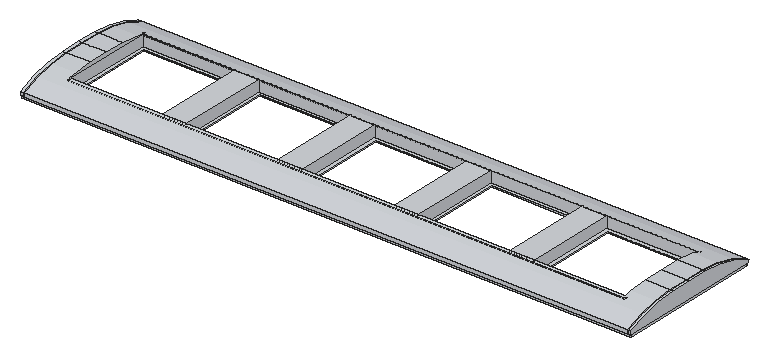
Revit family "Gira_021585", category Electrical Fixtures, host Face, Revit 2017
Family settings
  Host = Face
  Maintain Annotation Orientation = No
  Round Connector Dimension = Use Diameter
  Part Type = Normal
  Cut with Voids When Loaded = No
  Shared = No
  Room Calculation Point = No
Parameters (values of type "Abdeckrahmen 5f Zwischenr. AN Gira Event Opak Mint")
  Werkstoffgüte = "Thermoplast"
  Werkstoff = "Kunststoff"
  URL = "http://katalog.gira.de/de_DE/datenblatt.html?artikelnr=021585"
  Transparent = "No"
  Textfeld/Beschriftungsfläche = "No"
  Schutzart (IP) = "IP20"
  Region = "DE"
  Oberfläche = "sonstige"
  Name = "Abdeckrahmen 5f Zwischenr. AN Gira Event Opak Mint"
  Montagerichtung = "horizontal und vertikal"
  Mit Montagerahmen = "No"
  Mit Klappdeckel = "No"
  Manufacturer URL = "https://www.gira.de/"
  Keynote = "Event_Rahmen_5fach"
  HeinzeBIM = "https://bimportal.heinze.de/bim/abdeckrahmen-5f-zwischenr-an-gira-event-opak-mint/c9a6f1c13c54e5f231628876d0260919f35d2eb6"
  Halogenfrei = "Yes"
  HAN = "021585"
  Geeignet für Unterputz-Installation = "Yes"
  Geeignet für Unterflurkanaldose = "No"
  Geeignet für Geräteeinbaukanal = "No"
  Geeignet für Einbauinstallation = "No"
  GTIN = "4010337215851"
  Farbe = "grün"
  Default Elevation = 1219.2 mm
  Data sheet (1) = "https://katalog.gira.de/de_DE/download.html?artikelnr=021585"
  Category = "Abdeckrahmen"
  Befestigungsart = "Klemmbefestigung"
  Available = "Yes"
  Anzahl der Einheiten vertikal = "5 "
  Anzahl der Einheiten horizontal = "5 "
  Anzahl der Einheiten = "5 "
Reference planes
  plane 1 "Center (Front/Back)": y = 0
  plane 2: z = 0
  plane 3 "Center (Left/Right)": x = 0
Forms (mm)
  Extrusion 1, solid, detail levels fine
    sketch origin (0, 0, 0.05) x (0, 1, 0) y (0, 0, 1)
      loop
        arc (12.445, 9.683) -> (6.223, 9.833) -> (0, 9.85) r 291.636
        arc (0, 9.85) -> (-6.223, 9.833) -> (-12.445, 9.683) r 291.636
        arc (-12.445, 9.683) -> (-29.14, 7.482) -> (-45, 1.823) r 79.728
        line (-45, 1.823) -> (-45, -0.05) -> (-42.086, -0.05)
        arc (-42.086, -0.05) -> (-21.385, 5.559) -> (0, 7.206) r 114.424
        arc (0, 7.206) -> (21.385, 5.559) -> (42.086, -0.05) r 114.424
        line (42.086, -0.05) -> (45, -0.05) -> (45, 1.823)
        arc (45, 1.823) -> (29.14, 7.482) -> (12.445, 9.683) r 79.728
    from -185.578 to 185.593
  Extrusion 2, void, detail levels fine
    sketch origin (0, 0, 0) x (1, 0, 0) y (0, 1, 0)
      loop
        line (170.607, 28) -> (-170.593, 28) -> (-170.593, -28) -> (170.607, -28) -> (170.607, 28)
    from 0.724 to 11
  Extrusion 3, solid, detail levels coarse
    sketch origin (0, 0, 0) x (1, 0, 0) y (0, 1, 0)
      loop
        line (-187.578, 45) -> (-187.578, -45) -> (187.593, -45) -> (187.593, 45) -> (-187.578, 45)
    from -1.5 to 9.9
  Extrusion 4, solid, detail levels medium
    sketch origin (0, 0, 0.05) x (0, 1, 0) y (0, 0, 1)
      loop
        arc (12.445, 9.683) -> (6.223, 9.833) -> (0, 9.85) r 291.636
        arc (0, 9.85) -> (-6.223, 9.833) -> (-12.445, 9.683) r 291.636
        arc (-12.445, 9.683) -> (-29.14, 7.482) -> (-45, 1.823) r 79.728
        line (-45, 1.823) -> (-45, -0.05) -> (45, -0.05) -> (45, 1.823)
        arc (45, 1.823) -> (29.14, 7.482) -> (12.445, 9.683) r 79.728
    from -187.578 to 187.593
  Extrusion 5, solid, detail levels fine
    sketch origin (-142.578, 0, -1.5) x (0, 1, 0) y (0, 0, -1)
      loop
        line (45, -3.373) -> (45, -1.5) -> (-45, -1.5) -> (-45, -3.373)
        arc (-45, -3.373) -> (-29.14, -9.032) -> (-12.445, -11.233) r 79.728
        arc (-12.445, -11.233) -> (-6.223, -11.383) -> (0, -11.4) r 291.636
        arc (0, -11.4) -> (6.223, -11.383) -> (12.445, -11.233) r 291.636
        arc (12.445, -11.233) -> (29.14, -9.032) -> (45, -3.373) r 79.728
    from 43 to 45
  Extrusion 6, solid, detail levels fine
    sketch origin (0, 0, 0) x (1, 0, 0) y (0, 1, 0)
      loop
        line (-168.493, 25.7) -> (-168.493, -25.7) -> (-116.693, -25.7) -> (-116.693, 25.7) -> (-168.493, 25.7)
      loop
        line (-45.398, -25.7) -> (-45.398, 25.7) -> (-97.198, 25.7) -> (-97.198, -25.7) -> (-45.398, -25.7)
      loop
        line (-171.487, 28.49) -> (-171.487, -28.495)
        spline (-171.487, -28.495) -> (-171.479, -28.625) -> (-171.453, -28.754) -> (-171.411, -28.878) -> (-171.353, -28.995) -> (-171.281, -29.104) -> (-171.194, -29.202) -> (-171.096, -29.288) -> (-170.987, -29.361) -> (-170.87, -29.419) -> (-170.746, -29.461) -> (-170.618, -29.486) -> (-170.487, -29.495)
        line (-170.487, -29.495) -> (170.502, -29.495)
        spline (170.502, -29.495) -> (170.633, -29.486) -> (170.761, -29.461) -> (170.885, -29.419) -> (171.002, -29.361) -> (171.111, -29.288) -> (171.209, -29.202) -> (171.296, -29.104) -> (171.368, -28.995) -> (171.426, -28.878) -> (171.468, -28.754) -> (171.494, -28.625) -> (171.502, -28.495)
        line (171.502, -28.495) -> (171.502, 28.49)
        spline (171.502, 28.49) -> (171.494, 28.62) -> (171.468, 28.748) -> (171.426, 28.872) -> (171.368, 28.99) -> (171.296, 29.098) -> (171.209, 29.197) -> (171.111, 29.283) -> (171.002, 29.356) -> (170.885, 29.413) -> (170.761, 29.456) -> (170.633, 29.481) -> (170.502, 29.49)
        line (170.502, 29.49) -> (-170.487, 29.49)
        spline (-170.487, 29.49) -> (-170.618, 29.481) -> (-170.746, 29.456) -> (-170.87, 29.413) -> (-170.987, 29.356) -> (-171.096, 29.283) -> (-171.194, 29.197) -> (-171.281, 29.098) -> (-171.353, 28.99) -> (-171.411, 28.872) -> (-171.453, 28.748) -> (-171.479, 28.62) -> (-171.487, 28.49)
      loop
        line (25.902, -25.7) -> (25.902, 25.7) -> (-25.898, 25.7) -> (-25.898, -25.7) -> (25.902, -25.7)
      loop
        line (97.207, -25.7) -> (97.207, 25.7) -> (45.407, 25.7) -> (45.407, -25.7) -> (97.207, -25.7)
      loop
        line (168.507, -25.7) -> (168.507, 25.7) -> (116.707, 25.7) -> (116.707, -25.7) -> (168.507, -25.7)
    from 0.1 to 7.3
  Extrusion 7, solid
    sketch origin (0, 0, 0) x (1, 0, 0) y (0, 1, 0)
      loop
        arc (-187.293, -44.218) -> (-187.146, -44.572) -> (-186.793, -44.718) r 0.5
        line (-186.793, -44.718) -> (186.807, -44.718)
        arc (186.807, -44.718) -> (187.161, -44.572) -> (187.307, -44.218) r 0.5
        line (187.307, -44.218) -> (187.307, 44.182)
        arc (187.307, 44.182) -> (187.161, 44.535) -> (186.807, 44.682) r 0.5
        line (186.807, 44.682) -> (-186.793, 44.682)
        arc (-186.793, 44.682) -> (-187.146, 44.535) -> (-187.293, 44.182) r 0.5
        line (-187.293, 44.182) -> (-187.293, -44.218)
      loop
        line (-185.593, 42.982) -> (-185.593, -43.018) -> (185.607, -43.018) -> (185.607, 42.982) -> (-185.593, 42.982)
    from -1.5 to 0.5
  Extrusion 8, solid, detail levels fine
    sketch origin (142.593, 0, -1.5) x (0, 1, 0) y (0, 0, 1)
      loop
        arc (45, 3.373) -> (29.14, 9.032) -> (12.445, 11.233) r 79.728
        arc (12.445, 11.233) -> (6.223, 11.383) -> (0, 11.4) r 291.636
        arc (0, 11.4) -> (-6.223, 11.383) -> (-12.445, 11.233) r 291.636
        arc (-12.445, 11.233) -> (-29.14, 9.032) -> (-45, 3.373) r 79.728
        line (-45, 3.373) -> (-45, 1.5) -> (45, 1.5) -> (45, 3.373)
    from 43 to 45
  Extrusion 9, solid, detail levels medium
    sketch origin (0, 0, 0) x (1, 0, 0) y (0, 1, 0)
      loop
        line (-187.293, -44.718) -> (187.307, -44.718) -> (187.307, 44.682) -> (-187.293, 44.682) -> (-187.293, -44.718)
    from -1.5 to 0.5
  Extrusion 10, solid, detail levels fine
    sketch origin (-105.5, 0, 0) x (1, 0, 0) y (0, 1, 0)
      loop
        line (-8.943, 28.063) -> (-8.943, -27.937) -> (6.057, -27.937) -> (6.057, 28.063) -> (-8.943, 28.063)
    from 0.724 to 7.566
  Extrusion 11, solid, detail levels fine
    sketch origin (-37.085, 0, 0) x (-1, 0, 0) y (0, -1, 0)
      loop
        line (-8.943, -28.063) -> (6.057, -28.063) -> (6.057, 27.937) -> (-8.943, 27.937) -> (-8.943, -28.063)
    from 0.724 to 7.566
  Extrusion 12, solid, detail levels fine
    sketch origin (105.5, 0, 0) x (-1, 0, 0) y (0, -1, 0)
      loop
        line (-8.943, -28.063) -> (6.057, -28.063) -> (6.057, 27.937) -> (-8.943, 27.937) -> (-8.943, -28.063)
    from 0.724 to 7.566
  Extrusion 13, solid, detail levels fine
    sketch origin (37.085, 0, 0) x (1, 0, 0) y (0, 1, 0)
      loop
        line (-8.943, 28.063) -> (-8.943, -27.937) -> (6.057, -27.937) -> (6.057, 28.063) -> (-8.943, 28.063)
    from 0.724 to 7.566
Cuts and joins
  Extrusion 2 cuts Extrusion 1
  Extrusion 2 cuts Extrusion 6
Dimensions and locks
  aligned and locked: plane 2 to host face
  aligned and locked: level to host face
